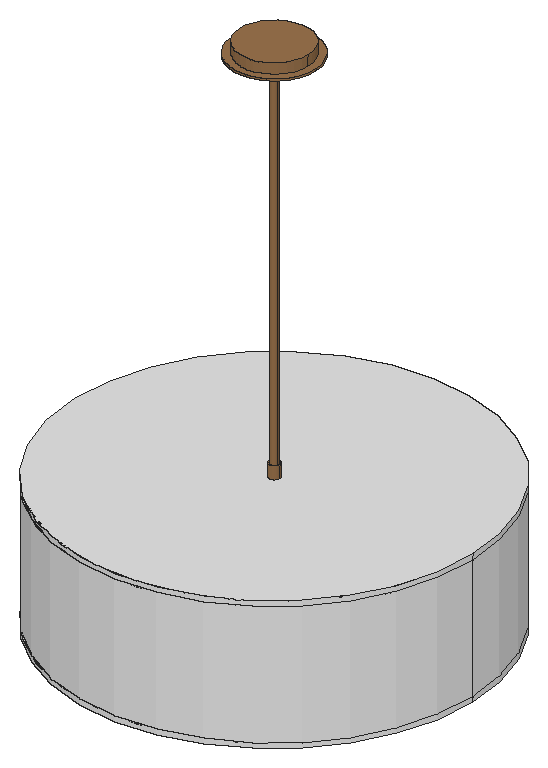
Revit family "3-640-24B Echo.dwg", category Lighting Fixtures, host Ceiling, Revit 2018
Family settings
  Host = Ceiling
  Round Connector Dimension = Use Diameter
  Part Type = Normal
  OmniClass Number = 23.80.70.11
  OmniClass Title = Luminaries for Internal Lighting
  Always vertical = Yes
  Cut with Voids When Loaded = No
  Light Source = Yes
  Shared = No
  Room Calculation Point = No
Parameters (values of type "3-640-22 / 37-640-22 - Echo")
  Wattage Comments = "52.6 W at 120 V"  # constant formula
  URL = "www.oxygenlighting.com"
  Type Comments = ""
  Suspension Length = 40.00"
  References [instance] = "3 = 120 V / 37 = 277 V"  # constant formula
  Photometric Web File = "3-640-24 Echo Pendant.ies"
  Others = Clear Acrylic
  Note [instance] = "Up to 60 in"  # constant formula
  Model = "3-640-xx / 37-640-xx - Echo"  # constant formula
  Metal Finish = Oxygen Lighting - Metal Finish - 22 - Oiled Bronze
  Manufacturer = "Oxygen Lighting"  # constant formula
  Main Diffuser = Oxygen Lighting - Diffuser - White Opal Glass
  Keynote = ""
  Input Voltage [instance] = "120 V or 277 V 50/60 Hz"  # constant formula
  Wattage = 52.6 W
  built-in parameter 1150110 = 1 (stored number, unit not read)
  built-in parameter 1114217 = 1 (stored number, unit not read)
  Tilt Angle = 90.00°
  built-in parameter 1150109 = 1 (stored number, unit not read)
  built-in parameter 1150134 = (empty or 0)
  built-in parameter 1150113 = 1 (stored number, unit not read)
  Lumens = 2777.28 lm
  built-in parameter 1150115 = 1 (stored number, unit not read)
  built-in parameter 1150105 = 221.01 (stored number, unit not read)
  built-in parameter 1150137 = (empty or 0)
  built-in parameter 1150139 = (empty or 0)
  built-in parameter 1150112 = 1 (stored number, unit not read)
  built-in parameter 1150114 = 1 (stored number, unit not read)
  Lamp = "LED Array"  # constant formula
  built-in parameter 1150132 = (empty or 0)
  built-in parameter 1150102 = (empty or 0)
  built-in parameter 1150138 = (empty or 0)
  built-in parameter 1150107 = 3000 (stored number, unit not read)
  built-in parameter 1150106 = 2.2101 (stored number, unit not read)
  built-in parameter 1150127 = 10.00"
  Emit from Rectangle Length = 30.00"
  Emit Shape Visible in Rendering = no
  built-in parameter 1150104 = 4.9053 (stored number, unit not read)
  Dimming Lamp Color Temperature Shift = <None>
  Diffusers = Oxygen Lighting - Diffuser - Matte White Acrylic
  Description = ""
  Cost = 0
  Color Filter = 16777215
  built-in parameter 1114218 = 1 (stored number, unit not read)
  Emit from Rectangle Width = 120.00"
  Assembly Code = ""
Types (3): name | Metal Finish
  (no name) | Oxygen Lighting - Metal Finish - 22 - Oiled Bronze
  3-640-24 / 37-640-24 - Echo | Oxygen Lighting - Metal Finish - 24 - Satin Nickel
  3-640-22 / 37-640-22 - Echo | Oxygen Lighting - Metal Finish - 22 - Oiled Bronze
Reference planes (in)
  plane 1 "Light Source Axis (F/B)": y = 0
  plane 2 "Ceiling": z = 96
  plane 3 "Light Source Axis (L/R)": x = 0
  plane 4 "Light Source Elevation": z = 61.52553
  plane 5: z = 67.52553
  plane 6: z = 56
Forms (in)
  Extrusion 1, solid, material "Oxygen Lighting - Metal Finish - 22 - Oiled Bronze" <- "Metal Finish"
    sketch origin (0, 0, 96) x (1, 0, 0) y (0, 1, 0)
      loop
        circle (0, 0) r 0.25
    from -1.70361 to -28.47447
Dimensions and locks (in)
  equal spacing: host sketch curve, plane 3 "Light Source Axis (L/R)", host sketch curve
  equal spacing: host sketch curve, plane 1 "Light Source Axis (F/B)", host sketch curve
  host sketch curve to host sketch curve = 120.00"  (x2)
  locked: plane 5 to plane 6 at 11.52553
  locked: plane 4 "Light Source Elevation" to plane 6 at 5.52553
  "Suspension Length": plane 2 "Ceiling" to plane 6
  aligned and locked: plane 3 "Light Source Axis (L/R)" to imposter light
  aligned and locked: plane 1 "Light Source Axis (F/B)" to imposter light
  aligned and locked: plane 4 "Light Source Elevation" to imposter light
  aligned and locked: plane 3 "Light Source Axis (L/R)" to nested 1
  aligned and locked: plane 3 "Light Source Axis (L/R)" to nested 2
  aligned and locked: nested 2 to plane 1 "Light Source Axis (F/B)"
  aligned and locked: Extrusion 1 to nested 2
  aligned and locked: plane 5 to nested 1
  aligned and locked: Extrusion 1 to plane 5
  aligned and locked: plane 6 to nested 1
Automatic sketch dimensions
  plane 1 "Light Source Axis (F/B)" to Extrusion 1 sketch curve = 0.00"
  Extrusion 1 sketch curve to plane 3 "Light Source Axis (L/R)" = 0.00"
  radius of Extrusion 1 sketch curve = 0.25"
Nested families (in)
  nested 1: "Echo 640" at (0, 0, 56.63), type "Echo 640"
  nested 2: "Canopy Echo 640" at (0, 0, 96) x (1, 0, 0) z (0, 0, -1), type "Canopy Echo 640"
Definition of nested family "Echo 640"
  Parameters (values of type "Echo 640")
    Other = none
    Metal Finish = none
    Diffuser Main = none
    Diffusers = none
  Reference planes (in)
    plane 1 "Center (Front/Back)": y = 0
    plane 2: z = 0
    plane 3 "Center (Left/Right)": x = 0
  Forms (in)
    Extrusion 1, solid, material <- "Diffusers"
      sketch origin (0, 0, 0) x (1, 0, 0) y (0, 1, 0)
        loop
          circle (0, 0) r 15
      from 0 to 0.38
    Extrusion 2, solid, material <- "Diffuser Main"
      sketch origin (0, 0, 0) x (1, 0, 0) y (0, 1, 0)
        loop
          circle (0, 0) r 15
      from 0.38 to 9.63
    Extrusion 3, void
      sketch origin (0, 0, 0) x (1, 0, 0) y (0, 1, 0)
        loop
          circle (0, 0) r 14.75
      from -3.53844 to 12.59572
    Extrusion 4, solid, material <- "Diffusers"
      sketch origin (0, 0, 0) x (1, 0, 0) y (0, 1, 0)
        loop
          circle (0, 0) r 15
      from 9.63 to 10
    Extrusion 5, solid, material <- "Metal Finish"
      sketch origin (0, 0, 0) x (1, 0, 0) y (0, 1, 0)
        loop
          circle (0, 0) r 1.77
      from 0 to -0.2
    Extrusion 6, solid, material <- "Other"
      sketch origin (0, 0, 0) x (1, 0, 0) y (0, 1, 0)
        loop
          circle (0, 0) r 1.61
      from -0.63 to -0.2
    Extrusion 7, solid, material <- "Metal Finish"
      sketch origin (0, 0, 0) x (1, 0, 0) y (0, 1, 0)
        loop
          circle (0, 0) r 0.4
      from 10 to 10.89553
  Cuts and joins
    Extrusion 3 cuts Extrusion 2
  Dimensions and locks (in)
    aligned and locked: plane 2 to level
Definition of nested family "Canopy Echo 640"
  Parameters (values of type "Canopy Echo 640")
    Metal Finish = none
    Default Elevation = 48.00"
  Reference planes (in)
    plane 1 "Center (Front/Back)": y = 0
    plane 2: z = 0
    plane 3 "Center (Left/Right)": x = 0
  Forms (in)
    Extrusion 1, solid
      sketch origin (0, 0, 0) x (1, 0, 0) y (0, 1, 0)
        loop
          line (-48, 48) -> (-48, -48) -> (48, -48) -> (48, 48) -> (-48, 48)
      from 0 to -12
    Extrusion 2, solid, material <- "Metal Finish"
      sketch origin (0, 0, 0) x (1, 0, 0) y (0, 1, 0)
        loop
          circle (0, 0) r 2.565
      from 0 to 0.75
    Extrusion 3, solid, material <- "Metal Finish"
      sketch origin (0, 0, 0) x (1, 0, 0) y (0, 1, 0)
        loop
          circle (0, 0) r 3.125
      from 0.75 to 0.88
    Revolve 4, solid, material <- "Metal Finish"
      sketch origin (0, 0, 0) x (0, 1, 0) y (0, 0, 1)
        loop
          line (0, 0.88) -> (0.65, 0.88) -> (0.65, 1.13) -> (0.4, 1.13) -> (0.4, 1.70361) -> (0, 1.70361) -> (0, 0.88)
        axis (0, 1.70361) -> (0, 0.88)
      angle from 0 to 360
  Dimensions and locks (in)
    aligned and locked: plane 2 to Extrusion 1
    aligned and locked: level to Extrusion 1
